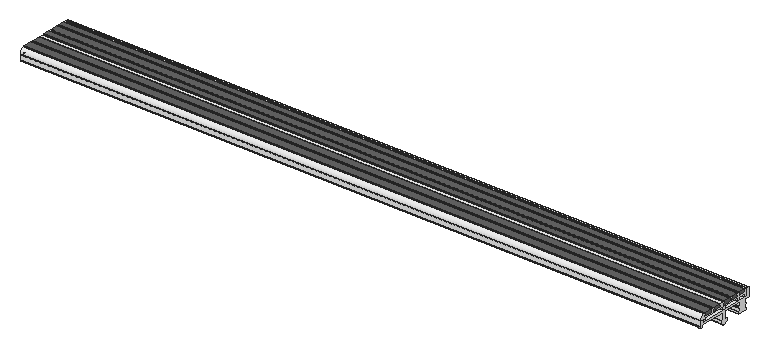
Revit family "Stair_Tread-Wooster-Supergrit_Safety_Treads-WP-RN3-SG", category Specialty Equipment, host Face, Revit 2017
Family settings
  Host = Face
  Round Connector Dimension = Use Diameter
  Part Type = Normal
  OmniClass Number = 23.30.70.21.11.11.11
  OmniClass Title = Stair Nosings
  Cut with Voids When Loaded = No
  Shared = No
  Room Calculation Point = No
Parameters (values of type "WP-RN3SG")
  Width [instance] = 0' - 3 1/8"  # constant formula
  Version = "2017 - v2.0a"  # constant formula
  URL = "http://www.wooster-products.com/"
  Support Phone = "(224) 699-9545"  # constant formula
  Support Email = "mailto:support@anguleris.com"
  Safety Tread [instance] = Filler - Wooster - Black - Abrasive Filler
  Product Page URL = "http://www.woosterproducts.com/products/extruded-aluminum/two-component/"
  Product Name = "Two Component (Replaceable) Supergrit"  # constant formula
  Product Documentation Link = "http://www.woosterproducts.com/spec/wp-rn3-sg.pdf"
  Model = "WP-RN3SG"
  Material = ""
  Manufacturer Phone Number = "1-800-321-4936 or 330-264-2844"  # constant formula
  Manufacturer Fax Number = "330-262-4151"  # constant formula
  Manufacturer Email = "mailto:tim@wooster-products.com"
  Manufacturer Address = "1000 Spruce Street, P.O. BOX 6005, Wooster, OH. 44691"  # constant formula
  Manufacturer = "Wooster Productions Inc"  # constant formula
  Length Constraint [instance] = if(Length > 10' 0", 10' 0", Length)  # 3' - 0"
  Length [instance] = 3' - 0"
  Description = "Anti-Slip Stair Nosing"  # constant formula
  Depth = 0' - 0 1/4"  # constant formula
  Default Elevation = 0' - 0"  # constant formula
  Copyright = "Wooster Products Inc. 2019"  # constant formula
  Construction Type = "New Construction"  # constant formula
Values of the unnamed type that differ from the named types
  Support Email = ""
  Product Page URL = "http://www.wooster-products.com/Supergrit_Safety_Treads.html"
  Product Documentation Link = "http://wooster-products.com/pub/Specs/wp-rn3-sg.pdf"
  Manufacturer Email = ""
Reference planes (in)
  plane 1 "Center (Front/Back)": y = 0
  plane 2: z = 0
  plane 3 "Center (Left/Right)": x = 0
  plane 4 "Left": x = -18
  plane 5 "Right": x = 18
  plane 6 "Back": y = 1.5625
  plane 7 "Front": y = -1.5625
  plane 8 "Bottom": z = -0.23437
  plane 9: z = 0.01563
Forms (in)
  Sweep 1, solid, material "Filler - Wooster - Black - Abrasive Filler" <- "Safety Tread"
    path origin (0, 24.006, 0.01563) x (0, 1, 0) y (-1, 0, 0)
      loop
        line (-22.4435, 18) -> (-22.4435, -18)
    profile "Abrasive Filler : Abrasive Filler" origin (0, 1.5625, 0.01562) x (0, 1, 0) y (0, 0, 1)
      loop
        line (-2.40493, -0.1565) -> (-2.43617, 0) -> (-2.43617, 0.03125) -> (-2.88955, 0.03125) -> (-2.88955, 0) -> (-2.92079, -0.1565) -> (-2.40493, -0.1565)
      loop
        line (-1.82655, -0.1565) -> (-1.8578, 0.00001) -> (-1.8578, 0.03125) -> (-2.31117, 0.03125) -> (-2.31117, 0) -> (-2.34242, -0.1565) -> (-1.82655, -0.1565)
      loop
        line (-1.2328, 0) -> (-1.2328, 0.03125) -> (-1.6078, 0.03125) -> (-1.6078, 0) -> (-1.63905, -0.1565) -> (-1.20155, -0.1565) -> (-1.2328, 0)
      loop
        line (-0.7328, 0.03125) -> (-1.1078, 0.03125) -> (-1.1078, 0) -> (-1.13905, -0.1565) -> (-0.70155, -0.1565) -> (-0.7328, 0) -> (-0.7328, 0.03125)
      loop
        line (-0.2328, 0) -> (-0.2328, 0.03125) -> (-0.6078, 0.03125) -> (-0.6078, 0) -> (-0.63905, -0.1565) -> (-0.20155, -0.1565) -> (-0.2328, 0)
  Sweep 2, solid, material "Metal - Wooster - Extruded Aluminum"
    path origin (0, 24.006, 0.01563) x (0, 1, 0) y (-1, 0, 0)
      loop
        line (-22.4435, 18) -> (-22.4435, -18)
    profile "Aluminum Base : Aluminum Base" origin (0, 1.5625, 0.01562) x (0, 1, 0) y (0, 0, 1)
      loop
        line (-3.13949, -0.24509) -> (-2.96013, -0.24509)
        arc (-2.96013, -0.24509) -> (-2.94714, -0.25259) -> (-2.94714, -0.26759) r 0.015
        line (-2.94714, -0.26759) -> (-2.99327, -0.3475)
        arc (-2.99327, -0.3475) -> (-2.99327, -0.3625) -> (-2.98028, -0.37) r 0.015
        line (-2.98028, -0.37) -> (-2.86362, -0.37) -> (-2.86362, -0.219) -> (-1.70568, -0.219) -> (-1.682, -0.37) -> (-1.54536, -0.37) -> (-1.52168, -0.219) -> (-0.70155, -0.219) -> (-0.70155, -0.37015) -> (-0.63933, -0.37015) -> (-0.63933, -0.219) -> (-0.20133, -0.219) -> (-0.20133, -0.37) -> (-0.13825, -0.37) -> (-0.13825, -0.125) -> (-0.107, -0.125) -> (-0.107, 0) -> (-0.2328, 0) -> (-0.20155, -0.1565) -> (-0.63905, -0.1565) -> (-0.6078, 0) -> (-0.7328, 0) -> (-0.70155, -0.1565) -> (-1.13905, -0.1565) -> (-1.1078, 0) -> (-1.2328, 0) -> (-1.20155, -0.1565) -> (-1.63905, -0.1565) -> (-1.6078, 0) -> (-1.8578, 0) -> (-1.82655, -0.1565) -> (-2.34242, -0.1565) -> (-2.31117, 0) -> (-2.43617, 0) -> (-2.40493, -0.1565) -> (-2.92079, -0.1565) -> (-2.88955, 0)
        arc (-2.88955, 0) -> (-3.06458, -0.0715) -> (-3.13949, -0.24509) r 0.25
  Sweep 3, solid, material "Metal - Wooster - Extruded Aluminum"
    path origin (0, 24.006, 0.01563) x (0, 1, 0) y (-1, 0, 0)
      loop
        line (-22.4435, 18) -> (-22.4435, -18)
    profile "Anchor : Anchor" origin (0, 1.5625, 0.01562) x (0, 1, 0) y (0, 0, 1)
      loop
        line (0, 0) -> (-0.093, 0) -> (-0.093, -0.375) -> (-2.98812, -0.375)
        arc (-2.98812, -0.375) -> (-3.00111, -0.3675) -> (-3.00111, -0.3525) r 0.015
        line (-3.00111, -0.3525) -> (-2.95498, -0.27259)
        arc (-2.95498, -0.27259) -> (-2.95498, -0.25759) -> (-2.96797, -0.25009) r 0.015
        line (-2.96797, -0.25009) -> (-3.13949, -0.25009) -> (-3.13949, -0.51663)
        arc (-3.13949, -0.51663) -> (-3.12262, -0.55974) -> (-3.07951, -0.54287) r 0.03273
        arc (-3.07951, -0.54287) -> (-3.03341, -0.48835) -> (-2.96499, -0.46796) r 0.125
        line (-2.96499, -0.46796) -> (-1.68625, -0.46796)
        arc (-1.68625, -0.46796) -> (-1.66415, -0.47711) -> (-1.65499, -0.49922) r 0.03125
        line (-1.65499, -0.49922) -> (-1.65499, -0.93664) -> (-1.76474, -0.84878) -> (-1.76474, -0.96789) -> (-1.60849, -1.093) -> (-1.45224, -0.96789) -> (-1.45224, -0.84878) -> (-1.56199, -0.93664) -> (-1.56199, -0.49921)
        arc (-1.56199, -0.49921) -> (-1.55284, -0.47711) -> (-1.53074, -0.46796) r 0.03125
        line (-1.53074, -0.46796) -> (-0.58233, -0.46796) -> (-0.58233, -0.66173) -> (-0.64483, -0.66173) -> (-0.64483, -0.72473) -> (-0.58233, -0.72473) -> (-0.58233, -0.919) -> (-0.64483, -0.919) -> (-0.64483, -0.9815) -> (-0.19583, -0.9815) -> (-0.19583, -0.919) -> (-0.25833, -0.919) -> (-0.25833, -0.72473) -> (-0.19583, -0.72473) -> (-0.19583, -0.66173) -> (-0.25833, -0.66173) -> (-0.25833, -0.46796) -> (0, -0.46796) -> (0, 0)
Lines and regions (in)
  Masking region 1
    outline origin (0, 0, 0) x (1, 0, 0) y (0, 1, 0)
      loop
        line (-18, 1.5625) -> (-18, -1.5625) -> (18, -1.5625) -> (18, 1.5625) -> (-18, 1.5625)
Dimensions and locks (in)
  equal spacing: plane 4 "Left", plane 3 "Center (Left/Right)", plane 5 "Right"
  "Length Constraint": plane 4 "Left" to plane 5 "Right"
  equal spacing: plane 7 "Front", plane 1 "Center (Front/Back)", plane 6 "Back"
  "Width": plane 7 "Front" to plane 6 "Back"
  locked: plane 9 to plane 8 "Bottom" at 0.25
  locked: plane 2 to plane 8 "Bottom" at 0.23438
  aligned and locked: plane 2 to host face
  aligned and locked: level to host face
  aligned and locked: plane 4 "Left" to Sweep 1 sketch curve
  aligned and locked: plane 5 "Right" to Sweep 1 sketch curve
  aligned and locked: Sweep 1 sketch curve to plane 6 "Back"
  aligned and locked: plane 5 "Right" to Sweep 2 sketch curve
  aligned and locked: Sweep 2 sketch curve to plane 6 "Back"
  aligned and locked: plane 5 "Right" to Sweep 3 sketch curve
  aligned and locked: plane 4 "Left" to Sweep 3 sketch curve
  aligned and locked: Sweep 3 sketch curve to plane 6 "Back"
  aligned and locked: plane 4 "Left" to Masking region 1 sketch curve
  aligned and locked: Masking region 1 sketch curve to plane 6 "Back"
  aligned and locked: Masking region 1 sketch curve to plane 7 "Front"
  aligned and locked: plane 5 "Right" to Masking region 1 sketch curve
Automatic sketch dimensions
  host sketch curve to host sketch curve = 8' - 0"
  host sketch curve to host sketch curve = 4' - 0"
  Sweep 2 sketch curve to plane 4 "Left" = 0' - 0"
